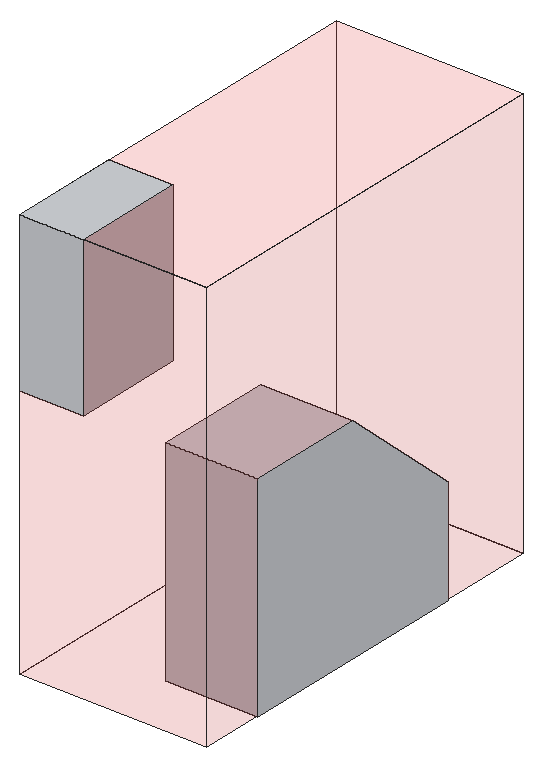
Revit family
Parameters
  Width = if(1 = 1, Controls Enclosure Back Edge Offset Back + Controls Enclosure Width, 0")  # 41.75"
  URL = "http://www.jrclancy.com"
  Type Comments = ""
  Subscribe for Update Alerts = ""
  Subscribe for Rigging Reports = "http://www.jrclancy.com/riggingreportsignup.asp"
  Sprocket Drive Chain Exit Location Center Offset Hoist Back Edge = 5.563"
  Shipping Weight = 0.00 lbf
  Serial Number = ""
  Request of Rigging System Design Guide = "http://www.jrclancy.com/registration.asp"
  Product Page URL = "http://www.jrclancy.com/powerassist.asp"
  Product Name = "PowerAssist"  # constant formula
  Product Documentation Link = "http://www.jrclancy.com/reference_mainpage.asp"
  PowerAssist Hoist Assembly Width = 25"
  PowerAssist Hoist Assembly Length = 9.688"
  PowerAssist Hoist Assembly Height = 22.5"
  PowerAssist Hoist Assembly Half Width = if(1 = 1, PowerAssist Hoist Assembly Width / 2, 0")  # 12.5"
  PowerAssist Hoist Assembly Distance to Wall Offset Back = 10"
  Operating Weight = 350.00 lbf
  Notes = ""
  Model = "018-PA"
  Manufacturer = "JR Clancy"  # constant formula
  Length = if(1 = 1, PowerAssist Hoist Assembly Length + PowerAssist Hoist Assembly Distance to Wall Offset Left, 0")  # 19.688"
  Keynote = "15700"
  Include Clearance = yes
  Height = 43.5"
  Half Length = if(1 = 1, Length / 2, 0")  # 9.844"
  Half Height = if(1 = 1, Height / 2, 0")  # 21.75"
  Family Load Status = "INVALID- Type not loaded via catalog (see instructions)"
  Equipment Finish = Default
  Half Width = if(1 = 1, Width / 2, 0")  # 20.875"
  PowerAssist Hoist Assembly Distance to Wall Offset Left = 10"
  Distance to Above Head Block In Inches = 0"
  Description = ""
  Copyright © = "© 2012 JR Clancy, Inc."  # constant formula
  Controls Enclosure Top Offset Bottom = 43.5"
  Controls Enclosure Length = 6.75"
  Controls Enclosure Width = 11.75"
  Controls Enclosure Height = 16.625"
  Controls Enclosure Back Edge Offset Back = 30"
  Control Protocol = ""
  Control Description = ""
  Clearance Offset Top = if(1 = 1, Distance to Above Head Block In Inches, 0")  # 0"
  Clearance Offset Right = 0"
  Clearance Offset Left = 0"
  Clearance Offset Front = 0"
  Clearance Offset Bottom = 0"
  Clearance Offset Back = 0"
  Clearance - Red (80% Transparent) = Clearance - JR Clancy - Red (80% Transparent)
  Black = JR Clancy Black
  Assembly Code = "E1020300"
Reference planes (in)
  plane 1 "Center (Front/Back)": y = 0
  plane 2 "Bottom": z = 0
  plane 3 "Center (Left/Right)": x = 0
  plane 4 "Top": z = 43.5
  plane 5 "Right": x = 9.844
  plane 6 "Left": x = -9.844
  plane 7 "Front": y = -20.875
  plane 8 "Back": y = 20.875
  plane 9 "PowerAssist Hoist Assembly Half Height": z = 11.25
  plane 10 "Drive Chain Location Offset Back": x = 5.719
  plane 11 "Controls Box Bottom Edge": z = 26.875
  plane 12 "Controls Box Top Edge Offset Bottom": z = 43.5
  plane 13 "Controls Box Back Edge Offset Back": y = -9.125
  plane 14 "Controls Box Front Edge": y = -20.875
  plane 15 "Controls Box Right Edge": x = -3.094
  plane 16 "Mounting Wall": x = -9.844
  plane 17 "PowerAssist Hoist Assembly Height": z = 22.5
  plane 18 "PowerAssist Hoist Assembly Left Edge Offset Left": x = 0.156
  plane 19 "PowerAssist Hoist Assembly Back Edge Offset Back": y = 10.875
  plane 20 "PowerAssist Hoist Assembly Half Width": y = -1.625
  plane 21 "PowerAssist Hoist Assembly Front Edge": y = -14.125
Forms (in)
  Extrusion 1, solid
    sketch origin (0, 0, 0) x (0, 1, 0) y (0, 0, 1)
      loop
        line (-9.125, 26.875) -> (-9.125, 43.5) -> (-20.875, 43.5) -> (-20.875, 26.875) -> (-9.125, 26.875)
    from -9.844 to -3.094
  Extrusion 2, solid
    sketch origin (0, 0, 0) x (0, 1, 0) y (0, 0, 1)
      loop
        line (10.875, 0) -> (10.875, 11.25) -> (-1.625, 22.5) -> (-14.125, 22.5) -> (-14.125, 0) -> (10.875, 0)
    from 0.156 to 9.844
Lines and regions (in)
  model lines
    curve 1: line (0, 10.875, 0) -> (0, 10.875, 11.25)
    curve 2: line (0, 10.875, 11.25) -> (0, -1.625, 22.5)
    curve 3: line (0, -1.625, 22.5) -> (0, -14.125, 22.5)
    curve 4: line (0, -14.125, 22.5) -> (0, -14.125, 0)
    curve 5: line (0, -14.125, 0) -> (0, 10.875, 0)
    curve 6: line (5.719, -14.125, 22.5) -> (5.719, -1.625, 22.5)
Text (in)
  text "Copyright JR Clancy 2012     " at (0.00043, 0.00036, 0), in view "Ref. Level"
  text "© 2012 JR Clancy, Inc.\n\n  \n\n\n\nDISCLAIMER\n\n\n\nThe information provided by JR Clancy, Inc. in this file and in all such files is provided for planning and design and should not be a substitute for a proper and thorough engineering evaluation.  \n\n\n\nThat evaluation should be performed by an engineer proficient in the appropriate field and capable of such an evaluation.  The engineer conducting the design evaluation, and not JR Clancy, Inc. or its employees, is responsible for the application of this information and assumes the entire risk for its use.\n\n\n\nJR Clancy, Inc. provides this Revit BIM content but does not accept any liability / responsibility or for the consequences of any actions taken because its use or application. \n\n\n\nThe content in these files is not and should not be used as a substitute for formal engineering drawings.  BIM Revit files are for information only and although JR Clancy, Inc. has taken reasonable precautions to ensure the content in these files are without error, the company does not accept responsibility for any loss or damage arising from the use of this information.  This content is provided “AS IS” and is not intended or authorized for use in an application taking the place of a full product review and appropriate engineering drawings. If you or your customers use or permit the use of these files for such unintended or unauthorized uses, you agree to assume all responsibility.\n\n\n\nJR Clancy, Inc. is the sole owner of this information and therefore is protected by copyright laws and the intellectual property laws.  By accepting or using this information, the user agrees to not use this information to represent the products of any manufacturers other than JR Clancy, Inc. or its parent company.\n\n\n\nJR Clancy, Inc. reserves the right to make changes to product design, specifications, and data (which may affect the content in these files) without notice, and without any obligation to notify or provide updated versions of the content to you." at (-55.71125, -64.41362, 0), in view "Ref. Level"
Dimensions and locks (in)
  "Height": plane 4 "Top" to plane 2 "Bottom"
  "Length": plane 6 "Left" to plane 5 "Right"
  "Width": plane 8 "Back" to plane 7 "Front"
  "Half Width": plane 8 "Back" to plane 1 "Center (Front/Back)"
  "Half Length": plane 6 "Left" to plane 3 "Center (Left/Right)"
  "Controls Enclosure Top Offset Bottom": plane 12 "Controls Box Top Edge Offset Bottom" to plane 2 "Bottom"
  "Controls Enclosure Height": plane 12 "Controls Box Top Edge Offset Bottom" to plane 11 "Controls Box Bottom Edge"
  "Controls Enclosure Width": plane 13 "Controls Box Back Edge Offset Back" to plane 14 "Controls Box Front Edge"
  "Controls Enclosure Back Edge Offset Back": plane 8 "Back" to plane 13 "Controls Box Back Edge Offset Back"
  "PowerAssist Hoist Assembly Height": plane 17 "PowerAssist Hoist Assembly Height" to plane 2 "Bottom"
  equal spacing: plane 17 "PowerAssist Hoist Assembly Height", plane 9 "PowerAssist Hoist Assembly Half Height", plane 2 "Bottom"
  "PowerAssist Hoist Assembly Length": plane 18 "PowerAssist Hoist Assembly Left Edge Offset Left" to plane 5 "Right"
  "Sprocket Drive Chain Exit Location Center Offset Hoist Back Edge": plane 18 "PowerAssist Hoist Assembly Left Edge Offset Left" to plane 10 "Drive Chain Location Offset Back"
  locked: plane 16 "Mounting Wall" to plane 6 "Left"
  "Controls Enclosure Length": plane 16 "Mounting Wall" to plane 15 "Controls Box Right Edge"
  "PowerAssist Hoist Assembly Half Width": plane 19 "PowerAssist Hoist Assembly Back Edge Offset Back" to plane 20 "PowerAssist Hoist Assembly Half Width"
  "PowerAssist Hoist Assembly Width": plane 19 "PowerAssist Hoist Assembly Back Edge Offset Back" to plane 21 "PowerAssist Hoist Assembly Front Edge"
  "PowerAssist Hoist Assembly Distance to Wall Offset Back": plane 8 "Back" to plane 19 "PowerAssist Hoist Assembly Back Edge Offset Back"
  aligned and locked: plane 2 "Bottom" to level
  aligned and locked: plane 3 "Center (Left/Right)" to nested 1
  aligned and locked: plane 12 "Controls Box Top Edge Offset Bottom" to Extrusion 1
  aligned and locked: plane 13 "Controls Box Back Edge Offset Back" to Extrusion 1
  aligned and locked: Extrusion 1 to plane 11 "Controls Box Bottom Edge"
  aligned and locked: Extrusion 1 to plane 14 "Controls Box Front Edge"
  aligned and locked: Extrusion 1 to plane 15 "Controls Box Right Edge"
  aligned and locked: plane 16 "Mounting Wall" to Extrusion 1
  aligned and locked: plane 2 "Bottom" to nested 1
  aligned and locked: plane 21 "PowerAssist Hoist Assembly Front Edge" to curve 4
  aligned and locked: plane 19 "PowerAssist Hoist Assembly Back Edge Offset Back" to curve 2
  aligned and locked: curve 1 to plane 19 "PowerAssist Hoist Assembly Back Edge Offset Back"
  aligned and locked: plane 2 "Bottom" to curve 5
  aligned and locked: plane 18 "PowerAssist Hoist Assembly Left Edge Offset Left" to Extrusion 2
  aligned and locked: Extrusion 2 to plane 5 "Right"
  aligned and locked: plane 17 "PowerAssist Hoist Assembly Height" to Extrusion 2  (x4)
  aligned and locked: plane 19 "PowerAssist Hoist Assembly Back Edge Offset Back" to Extrusion 2  (x4)
  aligned and locked: Extrusion 2 to plane 2 "Bottom"  (x3)
  aligned and locked: Extrusion 2 to plane 21 "PowerAssist Hoist Assembly Front Edge"  (x3)
  aligned and locked: plane 9 "PowerAssist Hoist Assembly Half Height" to curve 1
  aligned and locked: plane 20 "PowerAssist Hoist Assembly Half Width" to curve 2
  aligned and locked: plane 17 "PowerAssist Hoist Assembly Height" to curve 3
  aligned and locked: curve 6 to plane 10 "Drive Chain Location Offset Back"
  aligned and locked: plane 20 "PowerAssist Hoist Assembly Half Width" to curve 6
  aligned and locked: plane 21 "PowerAssist Hoist Assembly Front Edge" to curve 6
  aligned and locked: Extrusion 2 to plane 17 "PowerAssist Hoist Assembly Height"
  aligned and locked: plane 17 "PowerAssist Hoist Assembly Height" to curve 6
Automatic sketch dimensions
  Extrusion 1 sketch curve to plane 14 "Controls Box Front Edge" = 0"
  plane 13 "Controls Box Back Edge Offset Back" to Extrusion 1 sketch curve = 0"
  Extrusion 1 sketch curve to plane 4 "Top" = 16.625"
  plane 12 "Controls Box Top Edge Offset Bottom" to Extrusion 1 sketch curve = 0"
  Extrusion 2 sketch curve to plane 17 "PowerAssist Hoist Assembly Height" = 0"
  Extrusion 2 sketch curve to plane 21 "PowerAssist Hoist Assembly Front Edge" = 0"
  Extrusion 2 sketch curve to plane 20 "PowerAssist Hoist Assembly Half Width" = 0"
  Extrusion 2 sketch curve to plane 9 "PowerAssist Hoist Assembly Half Height" = 0"
  Extrusion 2 sketch curve to plane 19 "PowerAssist Hoist Assembly Back Edge Offset Back" = 0"
  Extrusion 2 sketch curve to level = 0"
Nested families (in)
  nested 1: "Include Clearance" at (0, 0, 0), type "Include Clearance"
    with Width 41.75", Length 19.688", Height 43.5", Clearance Offset Top 0", Clearance Offset Right 0", Clearance Offset Left 0", Clearance Offset Front 0", Clearance Offset Bottom 0", Clearance Offset Back 0", CTRL Width 41.75", CTRL Length 19.688", CTRL Height 43.5", CTRL Half Height 21.75", CTRL Clearance Offset Top 21.75", CTRL Clearance Offset Right 9.844", CTRL Clearance Offset Left 9.844", CTRL Clearance Offset Front 20.875", CTRL Clearance Offset Bottom 21.75", CTRL Clearance Offset Back 20.875"
Definition of nested family "Include Clearance"
  Parameters (values of type "Include Clearance")
    Width = 48"
    URL = "http://www.jrclancy.com"
    Manufacturer = "JR Clancy, Inc."  # constant formula
    Length = 72"
    Include Clearance = yes
    Height = 24"
    Copyright © = "© JR Clancy, Inc. 2012"  # constant formula
    Clearance Offset Top = 6"
    Clearance Offset Right = 6"
    Clearance Offset Left = 6"
    Clearance Offset Front = 6"
    Clearance Offset Bottom = 6"
    Clearance Offset Back = 6"
    CTRL Width = if(Include Clearance, Width, 0.1")  # 48"
    CTRL Length = if(Include Clearance, Length, 0.1")  # 72"
    CTRL Height = if(Include Clearance, Height, 0.1")  # 24"
    CTRL Half Height = if(Include Clearance, Height / 2, 0.1")  # 12"
    CTRL Clearance Offset Top = if(Include Clearance, Clearance Offset Top + Height / 2, 0.1")  # 18"
    CTRL Clearance Offset Right = if(Include Clearance, Clearance Offset Right + Length / 2, 0.1")  # 42"
    CTRL Clearance Offset Left = if(Include Clearance, Clearance Offset Left + (Length / 2), 0.1")  # 42"
    CTRL Clearance Offset Front = if(Include Clearance, Clearance Offset Front + Width / 2, 0.1")  # 30"
    CTRL Clearance Offset Bottom = if(Include Clearance, Clearance Offset Bottom + Height / 2, 0.1")  # 18"
    CTRL Clearance Offset Back = if(Include Clearance, Clearance Offset Back + Width / 2, 0.1")  # 30"
    Assembly Code = ""
  Reference planes (in)
    plane 1 "Center (Front/Back)": y = 0
    plane 2 "Bottom": z = 0
    plane 3 "Center (Left/Right)": x = 0
    plane 4 "Left": x = -36
    plane 5 "Back": y = 24
    plane 6 "Right": x = 36
    plane 7 "Front": y = -24
    plane 8 "Top": z = 24
    plane 9 "Clearance Back Offset Back": y = 30
    plane 10 "Clearance Front Offset Front": y = -30
    plane 11 "Clearance Left Offset Left": x = -42
    plane 12 "Clearance Right Offset Right": x = 42
    plane 13 "Clearance Top Offset Top": z = 30
    plane 14 "Clearance Bottom Offset Bottom": z = -6
    plane 15 "CTRL Half Height": z = 12
  Forms (in)
    Extrusion 1, solid, material "Clearance - JR Clancy - Red (80% Transparent)"
      sketch origin (0, 0, 0) x (1, 0, 0) y (0, 1, 0)
        loop
          line (-42, 30) -> (-42, -30) -> (42, -30) -> (42, 30) -> (-42, 30)
      from -6 to 30
  Lines and regions (in)
    symbolic lines, style "Clearance"
      curve 1: line (-42, 30, 0) -> (42, 30, 0)
      curve 2: line (-42, -30, 0) -> (-42, 30, 0)
      curve 3: line (42, -30, 0) -> (-42, -30, 0)
      curve 4: line (42, 30, 0) -> (42, -30, 0)
      curve 5: line (-42, -30, 30) -> (42, -30, 30)
      curve 6: line (-42, -30, -6) -> (-42, -30, 30)
      curve 7: line (42, -30, -6) -> (-42, -30, -6)
      curve 8: line (42, -30, 30) -> (42, -30, -6)
      curve 9: line (-36, 30, 30) -> (-36, -30, 30)
      curve 10: line (-36, 30, -6) -> (-36, 30, 30)
      curve 11: line (-36, -30, -6) -> (-36, 30, -6)
      curve 12: line (-36, -30, 30) -> (-36, -30, -6)
  Text (in)
    text "Copyright © JR Clancy 2012" at (0.00043, 0.00036, 0), in view "Ref. Level"
    text "Autodesk® Revit® system code:  Dap10M/oNXI1fl/qUJWw9em6S76Ip/riEKKue+mYH+ukM9AV2r/4K/h1ye9RqOlIMUZyHnUzfOSgdjVPSgyzti0zivDprASXurutuRbPRCaEvZJsdilrCbO8UwJl7k3UFenfVoWRdTPNnKp/xwBhlK3BF5KizXwTR4DuMKEuXrbLdtc7jrPRUl4LxHuWu/22Qglf6lA3MfM2wsRlBUI7/pRT1LJ8VBC5+TUljJ5TNfiYEEKKn1V4sE4Lirh1Q+os1C4dlhsZOJApOCnZgt2mR9/yexJcYLB3IyQsNyATSaOt7hxsV2eHw4IYF0JXgvhSIF2QblmrvV+7AJvEku3Zm6hMNOIwhJNx0eZXDAFCnDgY7DO1kF/Q9kdmxSwreJuO" at (1.2, -1.2, 0), in view "Ref. Level"
  Dimensions and locks (in)
    "CTRL Length": plane 4 "Left" to plane 6 "Right"
    "CTRL Width": plane 5 "Back" to plane 7 "Front"
    "CTRL Height": plane 8 "Top" to plane 2 "Bottom"
    "Clearance Offset Left": plane 11 "Clearance Left Offset Left" to plane 4 "Left"
    "Clearance Offset Right": plane 6 "Right" to plane 12 "Clearance Right Offset Right"
    "Clearance Offset Back": plane 9 "Clearance Back Offset Back" to plane 5 "Back"
    "Clearance Offset Front": plane 7 "Front" to plane 10 "Clearance Front Offset Front"
    "Clearance Offset Top": plane 13 "Clearance Top Offset Top" to plane 8 "Top"
    "Clearance Offset Bottom": plane 2 "Bottom" to plane 14 "Clearance Bottom Offset Bottom"
    "CTRL Clearance Offset Bottom": plane 15 "CTRL Half Height" to plane 14 "Clearance Bottom Offset Bottom"
    "CTRL Clearance Offset Back": plane 9 "Clearance Back Offset Back" to plane 1 "Center (Front/Back)"
    "CTRL Clearance Offset Left": plane 11 "Clearance Left Offset Left" to plane 3 "Center (Left/Right)"
    aligned and locked: plane 2 "Bottom" to level
    aligned and locked: plane 11 "Clearance Left Offset Left" to Extrusion 1 sketch curve
    aligned and locked: Extrusion 1 sketch curve to plane 9 "Clearance Back Offset Back"
    aligned and locked: plane 10 "Clearance Front Offset Front" to Extrusion 1 sketch curve
    aligned and locked: plane 12 "Clearance Right Offset Right" to Extrusion 1 sketch curve
    aligned and locked: plane 13 "Clearance Top Offset Top" to Extrusion 1
    aligned and locked: Extrusion 1 to plane 14 "Clearance Bottom Offset Bottom"
    aligned and locked: curve 1 to plane 9 "Clearance Back Offset Back"
    aligned and locked: plane 12 "Clearance Right Offset Right" to curve 4
    aligned and locked: plane 10 "Clearance Front Offset Front" to curve 3
    aligned and locked: curve 2 to plane 11 "Clearance Left Offset Left"
    aligned and locked: curve 5 to plane 13 "Clearance Top Offset Top"
    aligned and locked: plane 14 "Clearance Bottom Offset Bottom" to curve 7
    aligned and locked: plane 12 "Clearance Right Offset Right" to curve 8
    aligned and locked: plane 10 "Clearance Front Offset Front" to curve 12
    aligned and locked: curve 9 to plane 13 "Clearance Top Offset Top"
    aligned and locked: curve 10 to plane 9 "Clearance Back Offset Back"
    aligned and locked: plane 14 "Clearance Bottom Offset Bottom" to curve 11
  Automatic sketch dimensions
    curve 7 to plane 11 "Clearance Left Offset Left" = 0"
